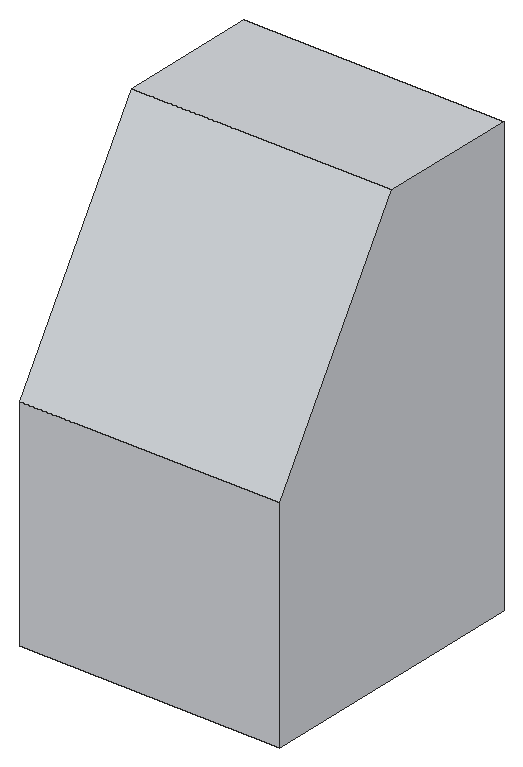
Revit family "01871-G", category Instalační zařizovací předměty, Revit 2016
Family settings
  Typ součásti = Normální
  Kóta kulaté spojky = Použít průměr
  Číslo OmniClass = 23.45.05.00
  Nadpis OmniClass = Sanitary Equipment
  Založené na pracovní rovině = Ne
  Vždy vertikální = Ano
  Ořezat dutým tvarem při načtení = Ne
  Sdílené = Ne
  Bod výpočtu místnosti = Ne
Parameters
  WIDTH = 164 mm
  WEIGHT = 3.00 kg
  Výrobce = "Nofer"
  Utility frequency = 0
  Surface finish = "Gray"
  Připojení ventilace = no
  Připojení odpadu = no
  Připojení HW = no
  Připojení CW = no
  Power supply = 0 V
  Power input = 0 W
  Noise level = 65
  MATERIAL = none
  IP code = "IP22"
  HEIGHT = 277 mm
  DEPTH = 177 mm
  Article number = "01871.G"
Reference planes
  plane 1 "Střed (vpředu/vzadu)": y = 0
  plane 2: z = 0
  plane 3 "Střed (vlevo/vpravo)": x = 0
  plane 4: z = 0
  plane 5: z = 277
  plane 6: y = -177
  plane 7: x = 82
  plane 8: x = -82
  plane 9: z = 138.5
  plane 10: y = -88.5
Forms (mm)
  Extrusion 1, solid, material <- "MATERIAL", detail levels medium+fine
    sketch origin (0, 0, 0) x (0, 1, 0) y (0, 0, 1)
      loop
        line (0, 277) -> (-88.5, 277) -> (-177, 138.5) -> (-177, 0) -> (0, 0) -> (0, 277)
    from -82 to 82
  Extrusion 2, solid, material <- "MATERIAL", detail levels coarse
    sketch origin (0, 0, 0) x (0, 1, 0) y (0, 0, 1)
      loop
        line (0, 277) -> (-177, 277) -> (-177, 0) -> (0, 0) -> (0, 277)
    from -82 to 82
Dimensions and locks
  equal spacing: plane 8, plane 3 "Střed (vlevo/vpravo)", plane 7
  "WIDTH": plane 8 to plane 7
  "DEPTH": plane 6 to plane 1 "Střed (vpředu/vzadu)"
  equal spacing: plane 5, plane 9, plane 4
  equal spacing: plane 1 "Střed (vpředu/vzadu)", plane 10, plane 6
  "DEPTH": plane 1 "Střed (vpředu/vzadu)" to plane 6
  "HEIGHT": plane 5 to level
  aligned and locked: level to plane 2
  aligned and locked: plane 5 to Extrusion 1 sketch curve
  aligned and locked: Extrusion 1 sketch curve to plane 1 "Střed (vpředu/vzadu)"
  aligned and locked: Extrusion 1 sketch curve to plane 4
  aligned and locked: Extrusion 1 sketch curve to plane 6
  aligned and locked: plane 10 to Extrusion 1 sketch curve
  aligned and locked: plane 9 to Extrusion 1 sketch curve
  aligned and locked: Extrusion 1 to plane 8
  aligned and locked: plane 7 to Extrusion 1
  aligned and locked: Extrusion 2 to plane 8
  aligned and locked: plane 7 to Extrusion 2
  aligned and locked: Extrusion 2 to level
Automatic sketch dimensions
  Extrusion 2 sketch curve to plane 5 = 0 mm
  Extrusion 2 sketch curve to plane 6 = 0 mm
  Extrusion 2 sketch curve to plane 1 "Střed (vpředu/vzadu)" = 0 mm
  level to Extrusion 2 sketch curve = 0 mm
